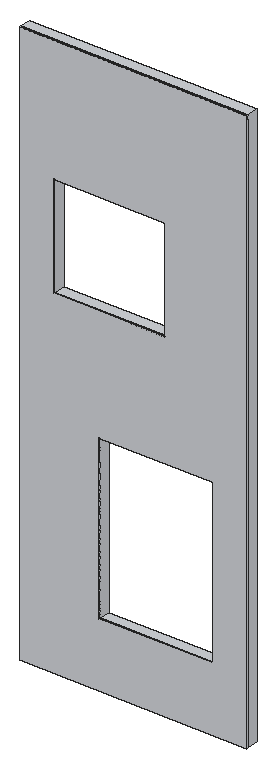
Revit family "RNGD_Optimizer Ext Wall Panel_Opening", category Generic Models, Revit 2025
Family settings
  Can host rebar = No
  Round Connector Dimension = Use Diameter
  Part Type = Normal
  Work Plane-Based = No
  Always vertical = Yes
  Cut with Voids When Loaded = Yes
  Maintain Annotation Orientation = No
  Shared = No
  Room Calculation Point = No
Parameters (values of type "EXT_6" CFMF - ExoAir")
  Wall Panel Area [instance] = Overall Height * Overall Width  # 250.00 SF
  Void 2 Width [instance] = 2 * VOID 2 JAMB CLR + UNIT 2 WIDTH  # 4' - 10 1/2"
  Void 2 Height [instance] = VOID 2 SILL CLR + VOID 2 HEAD CLR + UNIT 2 HEIGHT  # 4' - 6"
  Void 1 Y Offset [instance] = 2' - 10"
  Void 1 X Offset [instance] = 3' - 6"
  Void 1 Width [instance] = 2 * VOID 1 JAMB CLR + UNIT 1 WIDTH  # 5' - 0"
  Void 1 Height [instance] = VOID 1 SILL CLR + VOID 1 HEAD CLR + UNIT 1 HEIGHT  # 7' - 2"
  Void 2 Y Offset [instance] = 15' - 0"
  Void 2 X Offset [instance] = 1' - 6"
  VOID 2 SILL CLR [instance] = 0' - 6"
  VOID 2 JAMB CLR [instance] = 0' - 5 1/4"
  VOID 2 HEAD CLR [instance] = 0' - 6"
  VOID 2 [instance] = yes
  VOID 1 SILL CLR [instance] = 0' - 10"
  VOID 1 JAMB CLR [instance] = 0' - 6"
  VOID 1 HEAD CLR [instance] = 0' - 10"
  VOID 1 [instance] = yes
  UNIT 2 HEIGHT [instance] = 3' - 6"
  UNIT 1 WIDTH [instance] = 4' - 0"
  UNIT 1 HEIGHT [instance] = 5' - 6"
  UNIT 2 WIDTH [instance] = 4' - 0"
  Stud Depth = 0' - 6"
  Sheathing Wrap_Right [instance] = no
  Sheathing Wrap_Left [instance] = no
  Overall Width [instance] = 10' - 0"
  Overall Height [instance] = 25' - 0"
  Material = EIFS_Stucco
  Location = "EXT"
  Fully Finished = no
  Finish Extents = "Backer Panel"
  Finish Area [instance] = 24.0625 SF
  Finish + Air Barrier Depth = 0' - 0"
  Description = ""
  Default Elevation = 0' - 0"
Reference planes (in)
  plane 1 "STUD INTERIOR": y = 0
  plane 2: z = 0
  plane 3 "Center (Left/Right)": x = 45.5625
  plane 4: x = -14.4375
  plane 5: x = 105.5625
  plane 6: z = 300
  plane 7: y = -6.625
  plane 8 "STUD EXTERIOR": y = -6
  plane 9: y = -6.625
  plane 10: y = -20.75
  plane 11: y = 9
  plane 12 "L.O. VOID 1": x = 27.5625
  plane 13 "R.O. VOID 1": x = 87.5625
  plane 14 "T.O. VOID": z = 120
  plane 15 "B.O. VOID": z = 34
  plane 16 "VOID 1 SILL CLR": z = 44
  plane 17 "VOID 1 HEAD CLR": z = 110
  plane 18 "VOID 1 JAMB CLR 1": x = 81.5625
  plane 19 "VOID 1 JAMB CLR 2": x = 33.5625
  plane 20 "T.O. VOID 2": z = 234
  plane 21 "VOID 2 Head CLR 6": z = 228
  plane 22 "VOID 2 JAMB CLR 7": x = 8.8125
  plane 23 "VOID 2 JAMB CLR 8": x = 56.8125
  plane 24 "B. O. VOID 2": z = 180
  plane 25 "L. O. VOID 2": x = 3.5625
  plane 26 "R. O. VOID 2": x = 62.0625
  plane 27 "VOID 2 SILL CLR": z = 186
  plane 28 "STUD CENTERLINE": y = -3
Forms (in)
  Extrusion 1, solid
    sketch origin (0, 0, 0) x (1, 0, 0) y (0, 0, 1)
      loop
        line (-14.4375, 0) -> (105.5625, 0) -> (105.5625, 300) -> (-14.4375, 300) -> (-14.4375, 0)
    from 0 to 6
  Extrusion 2, solid
    sketch origin (0, -6, 0) x (1, 0, 0) y (0, 0, 1)
      loop
        line (-14.4375, 0) -> (105.5625, 0) -> (105.5625, 300) -> (-14.4375, 300) -> (-14.4375, 0)
    from 0 to 0.625
  Extrusion 3, solid, visible <- "Sheathing Wrap_Left"
    sketch origin (0, 0, 0) x (1, 0, 0) y (0, 0, 1)
      loop
        line (-14.4375, 0) -> (-14.4375, 300) -> (-15.0625, 300) -> (-15.0625, 0) -> (-14.4375, 0)
    from 0 to 6.625
  Extrusion 4, solid, visible <- "Sheathing Wrap_Right"
    sketch origin (0, 0, 0) x (-1, 0, 0) y (0, 0, -1)
      loop
        line (-105.5625, 0) -> (-106.1875, 0) -> (-106.1875, -300) -> (-105.5625, -300) -> (-105.5625, 0)
    from 0 to 6.625
  Extrusion 5, void
    sketch origin (0, 0, 0) x (-1, 0, 0) y (0, 0, 1)
      loop
        line (-3.5625, 234) -> (-62.0625, 234) -> (-62.0625, 180) -> (-3.5625, 180) -> (-3.5625, 234)
    from -17.89937 to 12
  Extrusion 6, void
    sketch origin (0, 0, 0) x (-1, 0, 0) y (0, 0, 1)
      loop
        line (-27.5625, 120) -> (-87.5625, 120) -> (-87.5625, 34) -> (-27.5625, 34) -> (-27.5625, 120)
    from -17.89937 to 12
Cuts and joins
  Extrusion 5, Extrusion 6 cuts Extrusion 1
  Extrusion 5, Extrusion 6 cuts Extrusion 2
  Extrusion 6 cuts Extrusion 4
Lines and regions (in)
  reference lines
    curve 1: line (-67.42599, -4.01184, 203) -> (-39.42599, -4.01184, 203)
Dimensions and locks (in)
  "Stud Depth": plane 8 "STUD EXTERIOR" to plane 1 "STUD INTERIOR"
  plane 7 to plane 8 "STUD EXTERIOR" = 0' - 0 5/8"
  "Finish + Air Barrier Depth": plane 7 to plane 9
  Extrusion 3 sketch curve to plane 4 = 0' - 0 5/8"
  locked: Extrusion 4 sketch curve to plane 5 at 0.625
  "Overall Width": plane 4 to plane 5
  "Overall Height": plane 6 to plane 2
  "Void 1 Y Offset": plane 15 "B.O. VOID" to plane 2
  "Void 1 X Offset": plane 4 to plane 12 "L.O. VOID 1"
  level to Extrusion 1 = 25' - 0"
  equal spacing: plane 4, plane 3 "Center (Left/Right)", plane 5
  "VOID 1 SILL CLR": plane 16 "VOID 1 SILL CLR" to plane 15 "B.O. VOID"
  "VOID 1 HEAD CLR": plane 14 "T.O. VOID" to plane 17 "VOID 1 HEAD CLR"
  "VOID 1 JAMB CLR": plane 18 "VOID 1 JAMB CLR 1" to plane 13 "R.O. VOID 1"
  "VOID 1 JAMB CLR": plane 12 "L.O. VOID 1" to plane 19 "VOID 1 JAMB CLR 2"
  "UNIT 1 WIDTH": plane 19 "VOID 1 JAMB CLR 2" to plane 18 "VOID 1 JAMB CLR 1"
  "UNIT 1 HEIGHT": plane 17 "VOID 1 HEAD CLR" to plane 16 "VOID 1 SILL CLR"
  plane 12 "L.O. VOID 1" to plane 13 "R.O. VOID 1" = 5' - 0"
  plane 14 "T.O. VOID" to plane 15 "B.O. VOID" = 7' - 2"
  "VOID 2 HEAD CLR": plane 20 "T.O. VOID 2" to plane 21 "VOID 2 Head CLR 6"
  "UNIT 2 HEIGHT": plane 21 "VOID 2 Head CLR 6" to plane 27 "VOID 2 SILL CLR"
  "VOID 2 SILL CLR": plane 27 "VOID 2 SILL CLR" to plane 24 "B. O. VOID 2"
  "VOID 2 JAMB CLR": plane 22 "VOID 2 JAMB CLR 7" to plane 25 "L. O. VOID 2"
  "VOID 2 JAMB CLR": plane 23 "VOID 2 JAMB CLR 8" to plane 26 "R. O. VOID 2"
  "Void 2 Y Offset": plane 24 "B. O. VOID 2" to level
  "Void 2 X Offset": plane 4 to plane 25 "L. O. VOID 2"
  "UNIT 2 WIDTH": plane 22 "VOID 2 JAMB CLR 7" to plane 23 "VOID 2 JAMB CLR 8"
  equal spacing: plane 1 "STUD INTERIOR", plane 28 "STUD CENTERLINE", plane 8 "STUD EXTERIOR"
  aligned and locked: level to plane 2
  aligned and locked: Extrusion 2 to plane 8 "STUD EXTERIOR"
  aligned and locked: Extrusion 2 to plane 7
  aligned and locked: plane 4 to Extrusion 3 sketch curve
  aligned and locked: Extrusion 3 sketch curve to plane 6
  aligned and locked: Extrusion 3 to plane 1 "STUD INTERIOR"
  aligned and locked: Extrusion 3 to plane 7
  aligned and locked: Extrusion 4 to plane 5
  aligned and locked: plane 7 to Extrusion 4
  aligned and locked: Extrusion 4 to plane 1 "STUD INTERIOR"
  aligned and locked: Extrusion 4 sketch curve to plane 6
  aligned and locked: Extrusion 5 to plane 25 "L. O. VOID 2"
Automatic sketch dimensions
  plane 4 to Extrusion 1 sketch curve = 0' - 0"
  Extrusion 1 sketch curve to plane 5 = 0' - 0"
  Extrusion 1 sketch curve to level = 0' - 0"
  Extrusion 1 sketch curve to plane 6 = 0' - 0"
  plane 4 to Extrusion 2 sketch curve = 0' - 0"
  Extrusion 2 sketch curve to plane 5 = 0' - 0"
  Extrusion 2 sketch curve to level = 0' - 0"
  Extrusion 2 sketch curve to plane 6 = 0' - 0"
  Extrusion 3 sketch curve to level = 0' - 0"
  Extrusion 4 sketch curve to plane 5 = 0' - 0"
  Extrusion 4 sketch curve to level = 0' - 0"
  Extrusion 5 sketch curve to plane 20 "T.O. VOID 2" = 0' - 0"
  Extrusion 5 sketch curve to plane 26 "R. O. VOID 2" = 0' - 0"
  Extrusion 5 sketch curve to plane 24 "B. O. VOID 2" = 0' - 0"
  Extrusion 5 sketch curve to plane 25 "L. O. VOID 2" = 0' - 0"
  plane 13 "R.O. VOID 1" to Extrusion 6 sketch curve = 0' - 0"
  plane 12 "L.O. VOID 1" to Extrusion 6 sketch curve = 0' - 0"
  Extrusion 6 sketch curve to plane 15 "B.O. VOID" = 0' - 0"
  Extrusion 6 sketch curve to plane 14 "T.O. VOID" = 0' - 0"
  curve 1 to plane 8 "STUD EXTERIOR" = 0' - 1.98816"
  plane 4 to curve 1 = 4' - 4.98849"
  plane 4 to curve 1 = 2' - 0.98849"
